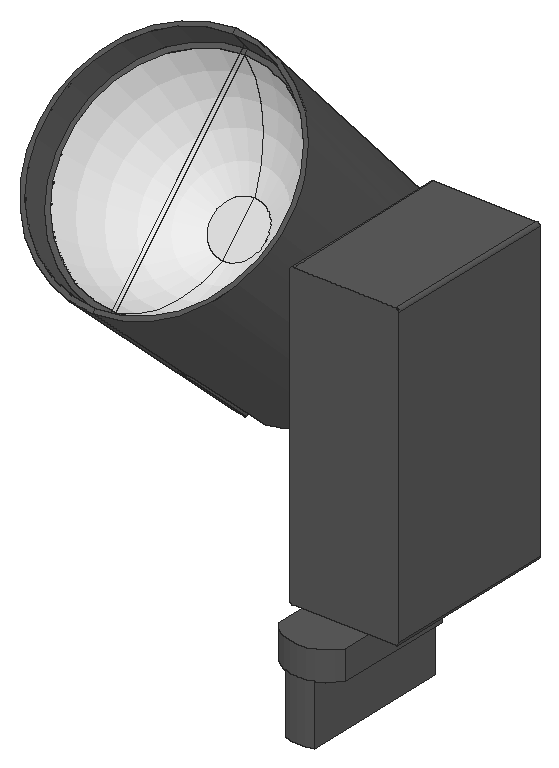
Revit family "0004844 Feilo Sylvania Lighting Fixture START TRACK SPOT L 55W 3K RA80 NB BLACK", category Lighting Fixtures, host Face, Revit 2017 (continued)
Definition of nested family "Start Track Spot Head"
  Types (96, lengths in mm): name | Wattage | built-in parameter 1150134 | Photometric Web File | Model | built-in parameter 1150105 | Lumens | built-in parameter 1150107 | built-in parameter 1150106 | HeadThickness_FEILO | HeadRibOffset_FEILO | HeadRibDepth_FEILO | HeadRibCutWidth_FEILO | HeadRibCutOffset_FEILO | HeadReflectorRadius_FEILO | HeadReflectorOffset_FEILO | HeadLEDRadius_FEILO | HeadHeight_FEILO | HeadDiffusorOffset_FEILO | HeadDiaOut_FEILO | HeadDiaIn_FEILO | HeadAxisFromTop_FEILO | Emit from Circle Diameter | built-in parameter 1150104 | Description | Apparent Load
    0004864 START TRACK SPOT S 24W 3K RA90 WB WHITE | 24 W | (empty or 0) | "0004864.ies" | "START TRACK SPOT S 24W 3K RA90 WB WHITE" | 152.79 (stored number, unit not read) | 1920 lm | 3000 (stored number, unit not read) | 1.5279 (stored number, unit not read) | 1.5 | 4.179 | 55.714 | 7.167 | 50.87 | 50.588 | 55.714 | 9.556 | 117 | 9.435 | 86 | 77.477 | 69.354 | 77.477 | 7.4322 (stored number, unit not read) | "Integrated LED spotlight, Textured White - RAL9016, compact and minimalist design, ideal for retail applications, die-cast aluminium body, passive cooling heatsink. Beam angle: 64°, color temperature: 3000K , total system power: 24W, total fixture output: 1928 lm, LOR: 100%, colour rendering: Ra: 90 typical, LED Chromaticity: 3 step MacAdam ellipse, lifetime: >50000 hours at L70B50, energy class: A++, A+, A, IR/UV free light source without heat radiation, operating voltage: 220-240V / 50-60Hz, drive current: 600mA, electronic driver, non-dimmable, power factor: 0.95, electrical protection: Class II, Global Track 3 Phase adapter suitable for Global trac 3-circuit tracks, ingress protection rating: IP20, suitable for internal environment only, horizontal rotation: 355°, vertical tilt: 90°, dimensions: Ø86x140x200, weight: 0.966kg." | 24 VA
    0004863 START TRACK SPOT S 24W 3K RA90 MB WHITE | 24 W | (empty or 0) | "0004863.ies" | "START TRACK SPOT S 24W 3K RA90 MB WHITE" | 154.7 (stored number, unit not read) | 1944 lm | 3000 (stored number, unit not read) | 1.547 (stored number, unit not read) | 1.5 | 4.179 | 55.714 | 7.167 | 50.87 | 50.588 | 55.714 | 9.556 | 117 | 9.435 | 86 | 77.477 | 69.354 | 77.477 | 7.5251 (stored number, unit not read) | "Integrated LED spotlight, Textured White - RAL9016, compact and minimalist design, ideal for retail applications, die-cast aluminium body, passive cooling heatsink. Beam angle: 36°, color temperature: 3000K , total system power: 24W, total fixture output: 1944 lm, LOR: 100%, colour rendering: Ra: 90 typical, LED Chromaticity: 3 step MacAdam ellipse, lifetime: >50000 hours at L70B50, energy class: A++, A+, A, IR/UV free light source without heat radiation, operating voltage: 220-240V / 50-60Hz, drive current: 600mA, electronic driver, non-dimmable, power factor: 0.95, electrical protection: Class II, Global Track 3 Phase adapter suitable for Global trac 3-circuit tracks, ingress protection rating: IP20, suitable for internal environment only, horizontal rotation: 355°, vertical tilt: 90°, dimensions: Ø86x140x200, weight: 0.966kg." | 24 VA
    0004862 START TRACK SPOT S 24W 3K RA90 NB WHITE | 24 W | (empty or 0) | "0004862.ies" | "START TRACK SPOT S 24W 3K RA90 NB WHITE" | 158.52 (stored number, unit not read) | 1992 lm | 3000 (stored number, unit not read) | 1.5852 (stored number, unit not read) | 1.5 | 4.179 | 55.714 | 7.167 | 50.87 | 50.588 | 55.714 | 9.556 | 117 | 9.435 | 86 | 77.477 | 69.354 | 77.477 | 7.711 (stored number, unit not read) | "Integrated LED spotlight, Textured White - RAL9016, compact and minimalist design, ideal for retail applications, die-cast aluminium body, passive cooling heatsink. Beam angle: 12°, color temperature: 3000K , total system power: 24W, total fixture output: 1987 lm, LOR: 100%, colour rendering: Ra: 90 typical, LED Chromaticity: 3 step MacAdam ellipse, lifetime: >50000 hours at L70B50, energy class: A++, A+, A, IR/UV free light source without heat radiation, operating voltage: 220-240V / 50-60Hz, drive current: 600mA, electronic driver, non-dimmable, power factor: 0.95, electrical protection: Class II, Global Track 3 Phase adapter suitable for Global trac 3-circuit tracks, ingress protection rating: IP20, suitable for internal environment only, horizontal rotation: 355°, vertical tilt: 90°, dimensions: Ø86x140x200, weight: 0.966kg." | 24 VA
    0004861 START TRACK SPOT S 14W 3K RA90 WB WHITE | 14 W | (empty or 0) | "0004861.ies" | "START TRACK SPOT S 14W 3K RA90 WB WHITE" | 100.27 (stored number, unit not read) | 1260 lm | 3000 (stored number, unit not read) | 1.0027 (stored number, unit not read) | 1.5 | 4.179 | 55.714 | 7.167 | 50.87 | 50.588 | 55.714 | 9.556 | 117 | 9.435 | 86 | 77.477 | 69.354 | 77.477 | 8.3613 (stored number, unit not read) | "Integrated LED spotlight, Textured White - RAL9016, compact and minimalist design, ideal for retail applications, die-cast aluminium body, passive cooling heatsink. Beam angle: 64°, color temperature: 3000K , total system power: 14W, total fixture output: 1262 lm, LOR: 100%, colour rendering: Ra: 90 typical, LED Chromaticity: 3 step MacAdam ellipse, lifetime: >50000 hours at L70B50, energy class: A++, A+, A, IR/UV free light source without heat radiation, operating voltage: 220-240V / 50-60Hz, drive current: 350mA, electronic driver, non-dimmable, power factor: 0.92, electrical protection: Class II, Global Track 3 Phase adapter suitable for Global trac 3-circuit tracks, ingress protection rating: IP20, suitable for internal environment only, horizontal rotation: 355°, vertical tilt: 90°, dimensions: Ø86x140x200, weight: 0.940kg." | 14 VA
    0004860 START TRACK SPOT S 14W 3K RA90 MB WHITE | 14 W | (empty or 0) | "0004860.ies" | "START TRACK SPOT S 14W 3K RA90 MB WHITE" | 100.27 (stored number, unit not read) | 1260 lm | 3000 (stored number, unit not read) | 1.0027 (stored number, unit not read) | 1.5 | 4.179 | 55.714 | 7.167 | 50.87 | 50.588 | 55.714 | 9.556 | 117 | 9.435 | 86 | 77.477 | 69.354 | 77.477 | 8.3613 (stored number, unit not read) | "Integrated LED spotlight, Textured White - RAL9016, compact and minimalist design, ideal for retail applications, die-cast aluminium body, passive cooling heatsink. Beam angle: 36°, color temperature: 3000K , total system power: 14W, total fixture output: 1262 lm, LOR: 100%, colour rendering: Ra: 90 typical, LED Chromaticity: 3 step MacAdam ellipse, lifetime: >50000 hours at L70B50, energy class: A++, A+, A, IR/UV free light source without heat radiation, operating voltage: 220-240V / 50-60Hz, drive current: 350mA, electronic driver, non-dimmable, power factor: 0.92, electrical protection: Class II, Global Track 3 Phase adapter suitable for Global trac 3-circuit tracks, ingress protection rating: IP20, suitable for internal environment only, horizontal rotation: 355°, vertical tilt: 90°, dimensions: Ø86x140x200, weight: 0.940kg." | 14 VA
    0004859 START TRACK SPOT S 14W 3K RA90 NB WHITE | 14 W | (empty or 0) | "0004859.ies" | "START TRACK SPOT S 14W 3K RA90 NB WHITE" | 102.5 (stored number, unit not read) | 1288 lm | 3000 (stored number, unit not read) | 1.025 (stored number, unit not read) | 1.5 | 4.179 | 55.714 | 7.167 | 50.87 | 50.588 | 55.714 | 9.556 | 117 | 9.435 | 86 | 77.477 | 69.354 | 77.477 | 8.5471 (stored number, unit not read) | "Integrated LED spotlight, Textured White - RAL9016, compact and minimalist design, ideal for retail applications, die-cast aluminium body, passive cooling heatsink. Beam angle: 12°, color temperature: 3000K , total system power: 14W, total fixture output: 1284 lm, LOR: 100%, colour rendering: Ra: 90 typical, LED Chromaticity: 3 step MacAdam ellipse, lifetime: >50000 hours at L70B50, energy class: A++, A+, A, IR/UV free light source without heat radiation, operating voltage: 220-240V / 50-60Hz, drive current: 350mA, electronic driver, non-dimmable, power factor: 0.92, electrical protection: Class II, Global Track 3 Phase adapter suitable for Global trac 3-circuit tracks, ingress protection rating: IP20, suitable for internal environment only, horizontal rotation: 355°, vertical tilt: 90°, dimensions: Ø86x140x200, weight: 0.940kg." | 14 VA
    0004858 START TRACK SPOT L 55W 4K RA80 WB BLACK | 55 W | 12 | "0004858.ies" | "START TRACK SPOT L 55W 4K RA80 WB BLACK" | 424.55 (stored number, unit not read) | 5335 lm | 4000 (stored number, unit not read) | 4.2455 (stored number, unit not read) | 2 | 4.429 | 59.048 | 9.417 | 53.913 | 66.471 | 59.048 | 12.556 | 124 | 10 | 113 | 101.802 | 73.503 | 101.802 | 9.0116 (stored number, unit not read) | "Integrated LED spotlight, Textured Black - RAL9005, compact and minimalist design, ideal for retail applications, die-cast aluminium body, passive cooling heatsink. Beam angle: 52°, color temperature: 4000K , total system power: 55W, total fixture output: 5320 lm, LOR: 100%, colour rendering: Ra: 80 typical, LED Chromaticity: 3 step MacAdam ellipse, lifetime: >50000 hours at L70B50, energy class: A++, A+, A, IR/UV free light source without heat radiation, operating voltage: 220-240V / 50-60Hz, drive current: 1400mA, electronic driver, non-dimmable, power factor: 0.96, electrical protection: Class II, Global Track 3 Phase adapter suitable for Global trac 3-circuit tracks, ingress protection rating: IP20, suitable for internal environment only, horizontal rotation: 355°, vertical tilt: 90°, dimensions: Ø113x164x240, weight: 1.398kg." | 55 VA
    0004857 START TRACK SPOT L 55W 4K RA80 MB BLACK | 55 W | 12 | "0004857.ies" | "START TRACK SPOT L 55W 4K RA80 MB BLACK" | 428.92 (stored number, unit not read) | 5390 lm | 4000 (stored number, unit not read) | 4.2892 (stored number, unit not read) | 2 | 4.429 | 59.048 | 9.417 | 53.913 | 66.471 | 59.048 | 12.556 | 124 | 10 | 113 | 101.802 | 73.503 | 101.802 | 9.1045 (stored number, unit not read) | "Integrated LED spotlight, Textured Black - RAL9005, compact and minimalist design, ideal for retail applications, die-cast aluminium body, passive cooling heatsink. Beam angle: 38°, color temperature: 4000K , total system power: 55W, total fixture output: 5378 lm, LOR: 100%, colour rendering: Ra: 80 typical, LED Chromaticity: 3 step MacAdam ellipse, lifetime: >50000 hours at L70B50, energy class: A++, A+, A, IR/UV free light source without heat radiation, operating voltage: 220-240V / 50-60Hz, drive current: 1400mA, electronic driver, non-dimmable, power factor: 0.96, electrical protection: Class II, Global Track 3 Phase adapter suitable for Global trac 3-circuit tracks, ingress protection rating: IP20, suitable for internal environment only, horizontal rotation: 355°, vertical tilt: 90°, dimensions: Ø113x164x240, weight: 1.398kg." | 55 VA
    0004856 START TRACK SPOT L 55W 4K RA80 NB BLACK | 55 W | 12 | "0004856.ies" | "START TRACK SPOT L 55W 4K RA80 NB BLACK" | 433.3 (stored number, unit not read) | 5445 lm | 4000 (stored number, unit not read) | 4.333 (stored number, unit not read) | 2 | 4.429 | 59.048 | 9.417 | 53.913 | 66.471 | 59.048 | 12.556 | 124 | 10 | 113 | 101.802 | 73.503 | 101.802 | 9.1974 (stored number, unit not read) | "Integrated LED spotlight, Textured Black - RAL9005, compact and minimalist design, ideal for retail applications, die-cast aluminium body, passive cooling heatsink. Beam angle: 15°, color temperature: 4000K , total system power: 55W, total fixture output: 5426 lm, LOR: 100%, colour rendering: Ra: 80 typical, LED Chromaticity: 3 step MacAdam ellipse, lifetime: >50000 hours at L70B50, energy class: A++, A+, A, IR/UV free light source without heat radiation, operating voltage: 220-240V / 50-60Hz, drive current: 1400mA, electronic driver, non-dimmable, power factor: 0.96, electrical protection: Class II, Global Track 3 Phase adapter suitable for Global trac 3-circuit tracks, ingress protection rating: IP20, suitable for internal environment only, horizontal rotation: 355°, vertical tilt: 90°, dimensions: Ø113x164x240, weight: 1.398kg." | 55 VA
    0004855 START TRACK SPOT L 35W 4K RA80 WB BLACK | 35 W | 12 | "0004855.ies" | "START TRACK SPOT L 35W 4K RA80 WB BLACK" | 320.3 (stored number, unit not read) | 4025 lm | 4000 (stored number, unit not read) | 3.203 (stored number, unit not read) | 2 | 4.429 | 59.048 | 9.417 | 53.913 | 66.471 | 59.048 | 12.556 | 124 | 10 | 113 | 101.802 | 73.503 | 101.802 | 10.684 (stored number, unit not read) | "Integrated LED spotlight, Textured Black - RAL9005, compact and minimalist design, ideal for retail applications, die-cast aluminium body, passive cooling heatsink. Beam angle: 52°, color temperature: 4000K , total system power: 35W, total fixture output: 4010 lm, LOR: 100%, colour rendering: Ra: 80 typical, LED Chromaticity: 3 step MacAdam ellipse, lifetime: >50000 hours at L70B50, energy class: A++, A+, A, IR/UV free light source without heat radiation, operating voltage: 220-240V / 50-60Hz, drive current: 900mA, electronic driver, non-dimmable, power factor: 0.93, electrical protection: Class II, Global Track 3 Phase adapter suitable for Global trac 3-circuit tracks, ingress protection rating: IP20, suitable for internal environment only, horizontal rotation: 355°, vertical tilt: 90°, dimensions: Ø113x164x240, weight: 1.368kg." | 35 VA
    0004854 START TRACK SPOT L 35W 4K RA80 MB BLACK | 35 W | 12 | "0004854.ies" | "START TRACK SPOT L 35W 4K RA80 MB BLACK" | 320.3 (stored number, unit not read) | 4025 lm | 4000 (stored number, unit not read) | 3.203 (stored number, unit not read) | 2 | 4.429 | 59.048 | 9.417 | 53.913 | 66.471 | 59.048 | 12.556 | 124 | 10 | 113 | 101.802 | 73.503 | 101.802 | 10.684 (stored number, unit not read) | "Integrated LED spotlight, Textured Black - RAL9005, compact and minimalist design, ideal for retail applications, die-cast aluminium body, passive cooling heatsink. Beam angle: 38°, color temperature: 4000K , total system power: 35W, total fixture output: 4017 lm, LOR: 100%, colour rendering: Ra: 80 typical, LED Chromaticity: 3 step MacAdam ellipse, lifetime: >50000 hours at L70B50, energy class: A++, A+, A, IR/UV free light source without heat radiation, operating voltage: 220-240V / 50-60Hz, drive current: 900mA, electronic driver, non-dimmable, power factor: 0.93, electrical protection: Class II, Global Track 3 Phase adapter suitable for Global trac 3-circuit tracks, ingress protection rating: IP20, suitable for internal environment only, horizontal rotation: 355°, vertical tilt: 90°, dimensions: Ø113x164x240, weight: 1.368kg." | 35 VA
    0004853 START TRACK SPOT L 35W 4K RA80 NB BLACK | 35 W | 12 | "0004853.ies" | "START TRACK SPOT L 35W 4K RA80 NB BLACK" | 331.44 (stored number, unit not read) | 4165 lm | 4000 (stored number, unit not read) | 3.3144 (stored number, unit not read) | 2 | 4.429 | 59.048 | 9.417 | 53.913 | 66.471 | 59.048 | 12.556 | 124 | 10 | 113 | 101.802 | 73.503 | 101.802 | 11.055 (stored number, unit not read) | "Integrated LED spotlight, Textured Black - RAL9005, compact and minimalist design, ideal for retail applications, die-cast aluminium body, passive cooling heatsink. Beam angle: 15°, color temperature: 4000K , total system power: 35W, total fixture output: 4174 lm, LOR: 100%, colour rendering: Ra: 80 typical, LED Chromaticity: 3 step MacAdam ellipse, lifetime: >50000 hours at L70B50, energy class: A++, A+, A, IR/UV free light source without heat radiation, operating voltage: 220-240V / 50-60Hz, drive current: 900mA, electronic driver, non-dimmable, power factor: 0.93, electrical protection: Class II, Global Track 3 Phase adapter suitable for Global trac 3-circuit tracks, ingress protection rating: IP20, suitable for internal environment only, horizontal rotation: 355°, vertical tilt: 90°, dimensions: Ø113x164x240, weight: 1.368kg." | 35 VA
    0004852 START TRACK SPOT S 24W 4K RA80 WB BLACK | 24 W | 12 | "0004852.ies" | "START TRACK SPOT S 24W 4K RA80 WB BLACK" | 196.72 (stored number, unit not read) | 2472 lm | 4000 (stored number, unit not read) | 1.9672 (stored number, unit not read) | 1.5 | 4.179 | 55.714 | 7.167 | 50.87 | 50.588 | 55.714 | 9.556 | 117 | 9.435 | 86 | 77.477 | 69.354 | 77.477 | 9.569 (stored number, unit not read) | "Integrated LED spotlight, Textured Black - RAL9005, compact and minimalist design, ideal for retail applications, die-cast aluminium body, passive cooling heatsink. Beam angle: 64°, color temperature: 4000K , total system power: 24W, total fixture output: 2476 lm, LOR: 100%, colour rendering: Ra: 80 typical, LED Chromaticity: 3 step MacAdam ellipse, lifetime: >50000 hours at L70B50, energy class: A++, A+, A, IR/UV free light source without heat radiation, operating voltage: 220-240V / 50-60Hz, drive current: 600mA, electronic driver, non-dimmable, power factor: 0.95, electrical protection: Class II, Global Track 3 Phase adapter suitable for Global trac 3-circuit tracks, ingress protection rating: IP20, suitable for internal environment only, horizontal rotation: 355°, vertical tilt: 90°, dimensions: Ø86x140x200, weight: 0.966kg." | 24 VA
    0004851 START TRACK SPOT S 24W 4K RA80 MB BLACK | 24 W | 12 | "0004851.ies" | "START TRACK SPOT S 24W 4K RA80 MB BLACK" | 198.63 (stored number, unit not read) | 2496 lm | 4000 (stored number, unit not read) | 1.9863 (stored number, unit not read) | 1.5 | 4.179 | 55.714 | 7.167 | 50.87 | 50.588 | 55.714 | 9.556 | 117 | 9.435 | 86 | 77.477 | 69.354 | 77.477 | 9.6619 (stored number, unit not read) | "Integrated LED spotlight, Textured Black - RAL9005, compact and minimalist design, ideal for retail applications, die-cast aluminium body, passive cooling heatsink. Beam angle: 36°, color temperature: 4000K , total system power: 24W, total fixture output: 2487 lm, LOR: 100%, colour rendering: Ra: 80 typical, LED Chromaticity: 3 step MacAdam ellipse, lifetime: >50000 hours at L70B50, energy class: A++, A+, A, IR/UV free light source without heat radiation, operating voltage: 220-240V / 50-60Hz, drive current: 600mA, electronic driver, non-dimmable, power factor: 0.95, electrical protection: Class II, Global Track 3 Phase adapter suitable for Global trac 3-circuit tracks, ingress protection rating: IP20, suitable for internal environment only, horizontal rotation: 355°, vertical tilt: 90°, dimensions: Ø86x140x200, weight: 0.966kg." | 24 VA
    0004850 START TRACK SPOT S 24W 4K RA80 NB BLACK | 24 W | 12 | "0004850.ies" | "START TRACK SPOT S 24W 4K RA80 NB BLACK" | 200.54 (stored number, unit not read) | 2520 lm | 4000 (stored number, unit not read) | 2.0054 (stored number, unit not read) | 1.5 | 4.179 | 55.714 | 7.167 | 50.87 | 50.588 | 55.714 | 9.556 | 117 | 9.435 | 86 | 77.477 | 69.354 | 77.477 | 9.7548 (stored number, unit not read) | "Integrated LED spotlight, Textured Black - RAL9005, compact and minimalist design, ideal for retail applications, die-cast aluminium body, passive cooling heatsink. Beam angle: 12°, color temperature: 4000K , total system power: 24W, total fixture output: 2529 lm, LOR: 100%, colour rendering: Ra: 80 typical, LED Chromaticity: 3 step MacAdam ellipse, lifetime: >50000 hours at L70B50, energy class: A++, A+, A, IR/UV free light source without heat radiation, operating voltage: 220-240V / 50-60Hz, drive current: 600mA, electronic driver, non-dimmable, power factor: 0.95, electrical protection: Class II, Global Track 3 Phase adapter suitable for Global trac 3-circuit tracks, ingress protection rating: IP20, suitable for internal environment only, horizontal rotation: 355°, vertical tilt: 90°, dimensions: Ø86x140x200, weight: 0.966kg." | 24 VA
    0004849 START TRACK SPOT S 14W 4K RA80 WB BLACK | 14 W | 12 | "0004849.ies" | "START TRACK SPOT S 14W 4K RA80 WB BLACK" | 123.66 (stored number, unit not read) | 1554 lm | 4000 (stored number, unit not read) | 1.2366 (stored number, unit not read) | 1.5 | 4.179 | 55.714 | 7.167 | 50.87 | 50.588 | 55.714 | 9.556 | 117 | 9.435 | 86 | 77.477 | 69.354 | 77.477 | 10.312 (stored number, unit not read) | "Integrated LED spotlight, Textured Black - RAL9005, compact and minimalist design, ideal for retail applications, die-cast aluminium body, passive cooling heatsink. Beam angle: 64°, color temperature: 4000K , total system power: 14W, total fixture output: 1558 lm, LOR: 100%, colour rendering: Ra: 80 typical, LED Chromaticity: 3 step MacAdam ellipse, lifetime: >50000 hours at L70B50, energy class: A++, A+, A, IR/UV free light source without heat radiation, operating voltage: 220-240V / 50-60Hz, drive current: 350mA, electronic driver, non-dimmable, power factor: 0.92, electrical protection: Class II, Global Track 3 Phase adapter suitable for Global trac 3-circuit tracks, ingress protection rating: IP20, suitable for internal environment only, horizontal rotation: 355°, vertical tilt: 90°, dimensions: Ø86x140x200, weight: 0.940kg." | 14 VA
    0004848 START TRACK SPOT S 14W 4K RA80 MB BLACK | 14 W | 12 | "0004848.ies" | "START TRACK SPOT S 14W 4K RA80 MB BLACK" | 127.01 (stored number, unit not read) | 1596 lm | 4000 (stored number, unit not read) | 1.2701 (stored number, unit not read) | 1.5 | 4.179 | 55.714 | 7.167 | 50.87 | 50.588 | 55.714 | 9.556 | 117 | 9.435 | 86 | 77.477 | 69.354 | 77.477 | 10.591 (stored number, unit not read) | "Integrated LED spotlight, Textured Black - RAL9005, compact and minimalist design, ideal for retail applications, die-cast aluminium body, passive cooling heatsink. Beam angle: 36°, color temperature: 4000K , total system power: 14W, total fixture output: 1598 lm, LOR: 100%, colour rendering: Ra: 80 typical, LED Chromaticity: 3 step MacAdam ellipse, lifetime: >50000 hours at L70B50, energy class: A++, A+, A, IR/UV free light source without heat radiation, operating voltage: 220-240V / 50-60Hz, drive current: 350mA, electronic driver, non-dimmable, power factor: 0.92, electrical protection: Class II, Global Track 3 Phase adapter suitable for Global trac 3-circuit tracks, ingress protection rating: IP20, suitable for internal environment only, horizontal rotation: 355°, vertical tilt: 90°, dimensions: Ø86x140x200, weight: 0.940kg." | 14 VA
    0004847 START TRACK SPOT S 14W 4K RA80 NB BLACK | 14 W | 12 | "0004847.ies" | "START TRACK SPOT S 14W 4K RA80 NB BLACK" | 128.12 (stored number, unit not read) | 1610 lm | 4000 (stored number, unit not read) | 1.2812 (stored number, unit not read) | 1.5 | 4.179 | 55.714 | 7.167 | 50.87 | 50.588 | 55.714 | 9.556 | 117 | 9.435 | 86 | 77.477 | 69.354 | 77.477 | 10.684 (stored number, unit not read) | "Integrated LED spotlight, Textured Black - RAL9005, compact and minimalist design, ideal for retail applications, die-cast aluminium body, passive cooling heatsink. Beam angle: 12°, color temperature: 4000K , total system power: 14W, total fixture output: 1608 lm, LOR: 100%, colour rendering: Ra: 80 typical, LED Chromaticity: 3 step MacAdam ellipse, lifetime: >50000 hours at L70B50, energy class: A++, A+, A, IR/UV free light source without heat radiation, operating voltage: 220-240V / 50-60Hz, drive current: 350mA, electronic driver, non-dimmable, power factor: 0.92, electrical protection: Class II, Global Track 3 Phase adapter suitable for Global trac 3-circuit tracks, ingress protection rating: IP20, suitable for internal environment only, horizontal rotation: 355°, vertical tilt: 90°, dimensions: Ø86x140x200, weight: 0.940kg." | 14 VA
    0004846 START TRACK SPOT L 55W 3K RA80 WB BLACK | 55 W | (empty or 0) | "0004846.ies" | "START TRACK SPOT L 55W 3K RA80 WB BLACK" | 420.17 (stored number, unit not read) | 5280 lm | 3000 (stored number, unit not read) | 4.2017 (stored number, unit not read) | 2 | 4.429 | 59.048 | 9.417 | 53.913 | 66.471 | 59.048 | 12.556 | 124 | 10 | 113 | 101.802 | 73.503 | 101.802 | 8.9187 (stored number, unit not read) | "Integrated LED spotlight, Textured Black - RAL9005, compact and minimalist design, ideal for retail applications, die-cast aluminium body, passive cooling heatsink. Beam angle: 52°, color temperature: 3000K , total system power: 55W, total fixture output: 5298 lm, LOR: 100%, colour rendering: Ra: 80 typical, LED Chromaticity: 3 step MacAdam ellipse, lifetime: >50000 hours at L70B50, energy class: A++, A+, A, IR/UV free light source without heat radiation, operating voltage: 220-240V / 50-60Hz, drive current: 1400mA, electronic driver, non-dimmable, power factor: 0.96, electrical protection: Class II, Global Track 3 Phase adapter suitable for Global trac 3-circuit tracks, ingress protection rating: IP20, suitable for internal environment only, horizontal rotation: 355°, vertical tilt: 90°, dimensions: Ø113x164x240, weight: 1.398kg." | 55 VA
    0004845 START TRACK SPOT L 55W 3K RA80 MB BLACK | 55 W | (empty or 0) | "0004845.ies" | "START TRACK SPOT L 55W 3K RA80 MB BLACK" | 428.92 (stored number, unit not read) | 5390 lm | 3000 (stored number, unit not read) | 4.2892 (stored number, unit not read) | 2 | 4.429 | 59.048 | 9.417 | 53.913 | 66.471 | 59.048 | 12.556 | 124 | 10 | 113 | 101.802 | 73.503 | 101.802 | 9.1045 (stored number, unit not read) | "Integrated LED spotlight, Textured Black - RAL9005, compact and minimalist design, ideal for retail applications, die-cast aluminium body, passive cooling heatsink. Beam angle: 38°, color temperature: 3000K , total system power: 55W, total fixture output: 5381 lm, LOR: 100%, colour rendering: Ra: 80 typical, LED Chromaticity: 3 step MacAdam ellipse, lifetime: >50000 hours at L70B50, energy class: A++, A+, A, IR/UV free light source without heat radiation, operating voltage: 220-240V / 50-60Hz, drive current: 1400mA, electronic driver, non-dimmable, power factor: 0.96, electrical protection: Class II, Global Track 3 Phase adapter suitable for Global trac 3-circuit tracks, ingress protection rating: IP20, suitable for internal environment only, horizontal rotation: 355°, vertical tilt: 90°, dimensions: Ø113x164x240, weight: 1.398kg." | 55 VA
    0004844 START TRACK SPOT L 55W 3K RA80 NB BLACK | 55 W | (empty or 0) | "0004844.ies" | "START TRACK SPOT L 55W 3K RA80 NB BLACK" | 433.3 (stored number, unit not read) | 5445 lm | 3000 (stored number, unit not read) | 4.333 (stored number, unit not read) | 2 | 4.429 | 59.048 | 9.417 | 53.913 | 66.471 | 59.048 | 12.556 | 124 | 10 | 113 | 101.802 | 73.503 | 101.802 | 9.1974 (stored number, unit not read) | "Integrated LED spotlight, Textured Black - RAL9005, compact and minimalist design, ideal for retail applications, die-cast aluminium body, passive cooling heatsink. Beam angle: 15°, color temperature: 3000K , total system power: 55W, total fixture output: 5449 lm, LOR: 100%, colour rendering: Ra: 80 typical, LED Chromaticity: 3 step MacAdam ellipse, lifetime: >50000 hours at L70B50, energy class: A++, A+, A, IR/UV free light source without heat radiation, operating voltage: 220-240V / 50-60Hz, drive current: 1400mA, electronic driver, non-dimmable, power factor: 0.96, electrical protection: Class II, Global Track 3 Phase adapter suitable for Global trac 3-circuit tracks, ingress protection rating: IP20, suitable for internal environment only, horizontal rotation: 355°, vertical tilt: 90°, dimensions: Ø113x164x240, weight: 1.398kg." | 55 VA
    0004843 START TRACK SPOT L 35W 3K RA80 WB BLACK | 35 W | (empty or 0) | "0004843.ies" | "START TRACK SPOT L 35W 3K RA80 WB BLACK" | 314.73 (stored number, unit not read) | 3955 lm | 3000 (stored number, unit not read) | 3.1473 (stored number, unit not read) | 2 | 4.429 | 59.048 | 9.417 | 53.913 | 66.471 | 59.048 | 12.556 | 124 | 10 | 113 | 101.802 | 73.503 | 101.802 | 10.498 (stored number, unit not read) | "Integrated LED spotlight, Textured Black - RAL9005, compact and minimalist design, ideal for retail applications, die-cast aluminium body, passive cooling heatsink. Beam angle: 52°, color temperature: 3000K , total system power: 35W, total fixture output: 3943 lm, LOR: 100%, colour rendering: Ra: 80 typical, LED Chromaticity: 3 step MacAdam ellipse, lifetime: >50000 hours at L70B50, energy class: A++, A+, A, IR/UV free light source without heat radiation, operating voltage: 220-240V / 50-60Hz, drive current: 900mA, electronic driver, non-dimmable, power factor: 0.93, electrical protection: Class II, Global Track 3 Phase adapter suitable for Global trac 3-circuit tracks, ingress protection rating: IP20, suitable for internal environment only, horizontal rotation: 355°, vertical tilt: 90°, dimensions: Ø113x164x240, weight: 1.368kg." | 35 VA
    0004842 START TRACK SPOT L 35W 3K RA80 MB BLACK | 35 W | (empty or 0) | "0004842.ies" | "START TRACK SPOT L 35W 3K RA80 MB BLACK" | 320.3 (stored number, unit not read) | 4025 lm | 3000 (stored number, unit not read) | 3.203 (stored number, unit not read) | 2 | 4.429 | 59.048 | 9.417 | 53.913 | 66.471 | 59.048 | 12.556 | 124 | 10 | 113 | 101.802 | 73.503 | 101.802 | 10.684 (stored number, unit not read) | "Integrated LED spotlight, Textured Black - RAL9005, compact and minimalist design, ideal for retail applications, die-cast aluminium body, passive cooling heatsink. Beam angle: 38°, color temperature: 3000K , total system power: 35W, total fixture output: 4008 lm, LOR: 100%, colour rendering: Ra: 80 typical, LED Chromaticity: 3 step MacAdam ellipse, lifetime: >50000 hours at L70B50, energy class: A++, A+, A, IR/UV free light source without heat radiation, operating voltage: 220-240V / 50-60Hz, drive current: 900mA, electronic driver, non-dimmable, power factor: 0.93, electrical protection: Class II, Global Track 3 Phase adapter suitable for Global trac 3-circuit tracks, ingress protection rating: IP20, suitable for internal environment only, horizontal rotation: 355°, vertical tilt: 90°, dimensions: Ø113x164x240, weight: 1.368kg." | 35 VA
    0004841 START TRACK SPOT L 35W 3K RA80 NB BLACK | 35 W | (empty or 0) | "0004841.ies" | "START TRACK SPOT L 35W 3K RA80 NB BLACK" | 317.51 (stored number, unit not read) | 3990 lm | 3000 (stored number, unit not read) | 3.1751 (stored number, unit not read) | 2 | 4.429 | 59.048 | 9.417 | 53.913 | 66.471 | 59.048 | 12.556 | 124 | 10 | 113 | 101.802 | 73.503 | 101.802 | 10.591 (stored number, unit not read) | "Integrated LED spotlight, Textured Black - RAL9005, compact and minimalist design, ideal for retail applications, die-cast aluminium body, passive cooling heatsink. Beam angle: 15°, color temperature: 3000K , total system power: 35W, total fixture output: 4005 lm, LOR: 100%, colour rendering: Ra: 80 typical, LED Chromaticity: 3 step MacAdam ellipse, lifetime: >50000 hours at L70B50, energy class: A++, A+, A, IR/UV free light source without heat radiation, operating voltage: 220-240V / 50-60Hz, drive current: 900mA, electronic driver, non-dimmable, power factor: 0.93, electrical protection: Class II, Global Track 3 Phase adapter suitable for Global trac 3-circuit tracks, ingress protection rating: IP20, suitable for internal environment only, horizontal rotation: 355°, vertical tilt: 90°, dimensions: Ø113x164x240, weight: 1.368kg." | 35 VA
    0004840 START TRACK SPOT S 24W 3K RA80 WB BLACK | 24 W | (empty or 0) | "0004840.ies" | "START TRACK SPOT S 24W 3K RA80 WB BLACK" | 185.26 (stored number, unit not read) | 2328 lm | 3000 (stored number, unit not read) | 1.8526 (stored number, unit not read) | 1.5 | 4.179 | 55.714 | 7.167 | 50.87 | 50.588 | 55.714 | 9.556 | 117 | 9.435 | 86 | 77.477 | 69.354 | 77.477 | 9.0116 (stored number, unit not read) | "Integrated LED spotlight, Textured Black - RAL9005, compact and minimalist design, ideal for retail applications, die-cast aluminium body, passive cooling heatsink. Beam angle: 64°, color temperature: 3000K , total system power: 24W, total fixture output: 2318 lm, LOR: 100%, colour rendering: Ra: 80 typical, LED Chromaticity: 3 step MacAdam ellipse, lifetime: >50000 hours at L70B50, energy class: A++, A+, A, IR/UV free light source without heat radiation, operating voltage: 220-240V / 50-60Hz, drive current: 600mA, electronic driver, non-dimmable, power factor: 0.95, electrical protection: Class II, Global Track 3 Phase adapter suitable for Global trac 3-circuit tracks, ingress protection rating: IP20, suitable for internal environment only, horizontal rotation: 355°, vertical tilt: 90°, dimensions: Ø86x140x200, weight: 0.966kg." | 24 VA
    0004839 START TRACK SPOT S 24W 3K RA80 MB BLACK | 24 W | (empty or 0) | "0004839.ies" | "START TRACK SPOT S 24W 3K RA80 MB BLACK" | 183.35 (stored number, unit not read) | 2304 lm | 3000 (stored number, unit not read) | 1.8335 (stored number, unit not read) | 1.5 | 4.179 | 55.714 | 7.167 | 50.87 | 50.588 | 55.714 | 9.556 | 117 | 9.435 | 86 | 77.477 | 69.354 | 77.477 | 8.9187 (stored number, unit not read) | "Integrated LED spotlight, Textured Black - RAL9005, compact and minimalist design, ideal for retail applications, die-cast aluminium body, passive cooling heatsink. Beam angle: 36°, color temperature: 3000K , total system power: 24W, total fixture output: 2314 lm, LOR: 100%, colour rendering: Ra: 80 typical, LED Chromaticity: 3 step MacAdam ellipse, lifetime: >50000 hours at L70B50, energy class: A++, A+, A, IR/UV free light source without heat radiation, operating voltage: 220-240V / 50-60Hz, drive current: 600mA, electronic driver, non-dimmable, power factor: 0.95, electrical protection: Class II, Global Track 3 Phase adapter suitable for Global trac 3-circuit tracks, ingress protection rating: IP20, suitable for internal environment only, horizontal rotation: 355°, vertical tilt: 90°, dimensions: Ø86x140x200, weight: 0.966kg." | 24 VA
    0004838 START TRACK SPOT S 24W 3K RA80 NB BLACK | 24 W | (empty or 0) | "0004838.ies" | "START TRACK SPOT S 24W 3K RA80 NB BLACK" | 185.26 (stored number, unit not read) | 2328 lm | 3000 (stored number, unit not read) | 1.8526 (stored number, unit not read) | 1.5 | 4.179 | 55.714 | 7.167 | 50.87 | 50.588 | 55.714 | 9.556 | 117 | 9.435 | 86 | 77.477 | 69.354 | 77.477 | 9.0116 (stored number, unit not read) | "Integrated LED spotlight, Textured Black - RAL9005, compact and minimalist design, ideal for retail applications, die-cast aluminium body, passive cooling heatsink. Beam angle: 12°, color temperature: 3000K , total system power: 24W, total fixture output: 2334 lm, LOR: 100%, colour rendering: Ra: 80 typical, LED Chromaticity: 3 step MacAdam ellipse, lifetime: >50000 hours at L70B50, energy class: A++, A+, A, IR/UV free light source without heat radiation, operating voltage: 220-240V / 50-60Hz, drive current: 600mA, electronic driver, non-dimmable, power factor: 0.95, electrical protection: Class II, Global Track 3 Phase adapter suitable for Global trac 3-circuit tracks, ingress protection rating: IP20, suitable for internal environment only, horizontal rotation: 355°, vertical tilt: 90°, dimensions: Ø86x140x200, weight: 0.966kg." | 24 VA
    0004837 START TRACK SPOT S 14W 3K RA80 WB BLACK | 14 W | (empty or 0) | "0004837.ies" | "START TRACK SPOT S 14W 3K RA80 WB BLACK" | 119.21 (stored number, unit not read) | 1498 lm | 3000 (stored number, unit not read) | 1.1921 (stored number, unit not read) | 1.5 | 4.179 | 55.714 | 7.167 | 50.87 | 50.588 | 55.714 | 9.556 | 117 | 9.435 | 86 | 77.477 | 69.354 | 77.477 | 9.9406 (stored number, unit not read) | "Integrated LED spotlight, Textured Black - RAL9005, compact and minimalist design, ideal for retail applications, die-cast aluminium body, passive cooling heatsink. Beam angle: 64°, color temperature: 3000K , total system power: 14W, total fixture output: 1498 lm, LOR: 100%, colour rendering: Ra: 80 typical, LED Chromaticity: 3 step MacAdam ellipse, lifetime: >50000 hours at L70B50, energy class: A++, A+, A, IR/UV free light source without heat radiation, operating voltage: 220-240V / 50-60Hz, drive current: 350mA, electronic driver, non-dimmable, power factor: 0.92, electrical protection: Class II, Global Track 3 Phase adapter suitable for Global trac 3-circuit tracks, ingress protection rating: IP20, suitable for internal environment only, horizontal rotation: 355°, vertical tilt: 90°, dimensions: Ø86x140x200, weight: 0.940kg." | 14 VA
    0004836 START TRACK SPOT S 14W 3K RA80 MB BLACK | 14 W | (empty or 0) | "0004836.ies" | "START TRACK SPOT S 14W 3K RA80 MB BLACK" | 120.32 (stored number, unit not read) | 1512 lm | 3000 (stored number, unit not read) | 1.2032 (stored number, unit not read) | 1.5 | 4.179 | 55.714 | 7.167 | 50.87 | 50.588 | 55.714 | 9.556 | 117 | 9.435 | 86 | 77.477 | 69.354 | 77.477 | 10.034 (stored number, unit not read) | "Integrated LED spotlight, Textured Black - RAL9005, compact and minimalist design, ideal for retail applications, die-cast aluminium body, passive cooling heatsink. Beam angle: 36°, color temperature: 3000K , total system power: 14W, total fixture output: 1508 lm, LOR: 100%, colour rendering: Ra: 80 typical, LED Chromaticity: 3 step MacAdam ellipse, lifetime: >50000 hours at L70B50, energy class: A++, A+, A, IR/UV free light source without heat radiation, operating voltage: 220-240V / 50-60Hz, drive current: 350mA, electronic driver, non-dimmable, power factor: 0.92, electrical protection: Class II, Global Track 3 Phase adapter suitable for Global trac 3-circuit tracks, ingress protection rating: IP20, suitable for internal environment only, horizontal rotation: 355°, vertical tilt: 90°, dimensions: Ø86x140x200, weight: 0.940kg." | 14 VA
    0004835 START TRACK SPOT S 14W 3K RA80 NB BLACK | 14 W | (empty or 0) | "0004835.ies" | "START TRACK SPOT S 14W 3K RA80 NB BLACK" | 123.66 (stored number, unit not read) | 1554 lm | 3000 (stored number, unit not read) | 1.2366 (stored number, unit not read) | 1.5 | 4.179 | 55.714 | 7.167 | 50.87 | 50.588 | 55.714 | 9.556 | 117 | 9.435 | 86 | 77.477 | 69.354 | 77.477 | 10.312 (stored number, unit not read) | "Integrated LED spotlight, Textured Black - RAL9005, compact and minimalist design, ideal for retail applications, die-cast aluminium body, passive cooling heatsink. Beam angle: 12°, color temperature: 3000K , total system power: 14W, total fixture output: 1551 lm, LOR: 100%, colour rendering: Ra: 80 typical, LED Chromaticity: 3 step MacAdam ellipse, lifetime: >50000 hours at L70B50, energy class: A++, A+, A, IR/UV free light source without heat radiation, operating voltage: 220-240V / 50-60Hz, drive current: 350mA, electronic driver, non-dimmable, power factor: 0.92, electrical protection: Class II, Global Track 3 Phase adapter suitable for Global trac 3-circuit tracks, ingress protection rating: IP20, suitable for internal environment only, horizontal rotation: 355°, vertical tilt: 90°, dimensions: Ø86x140x200, weight: 0.940kg." | 14 VA
    0004834 START TRACK SPOT L 55W 4K RA80 WB WHITE | 55 W | 12 | "0004834.ies" | "START TRACK SPOT L 55W 4K RA80 WB WHITE" | 424.55 (stored number, unit not read) | 5335 lm | 4000 (stored number, unit not read) | 4.2455 (stored number, unit not read) | 2 | 4.429 | 59.048 | 9.417 | 53.913 | 66.471 | 59.048 | 12.556 | 124 | 10 | 113 | 101.802 | 73.503 | 101.802 | 9.0116 (stored number, unit not read) | "Integrated LED spotlight, Textured White - RAL9016, compact and minimalist design, ideal for retail applications, die-cast aluminium body, passive cooling heatsink. Beam angle: 52°, color temperature: 4000K , total system power: 55W, total fixture output: 5320 lm, LOR: 100%, colour rendering: Ra: 80 typical, LED Chromaticity: 3 step MacAdam ellipse, lifetime: >50000 hours at L70B50, energy class: A++, A+, A, IR/UV free light source without heat radiation, operating voltage: 220-240V / 50-60Hz, drive current: 1400mA, electronic driver, non-dimmable, power factor: 0.96, electrical protection: Class II, Global Track 3 Phase adapter suitable for Global trac 3-circuit tracks, ingress protection rating: IP20, suitable for internal environment only, horizontal rotation: 355°, vertical tilt: 90°, dimensions: Ø113x164x240, weight: 1.398kg." | 55 VA
    0004833 START TRACK SPOT L 55W 4K RA80 MB WHITE | 55 W | 12 | "0004833.ies" | "START TRACK SPOT L 55W 4K RA80 MB WHITE" | 428.92 (stored number, unit not read) | 5390 lm | 4000 (stored number, unit not read) | 4.2892 (stored number, unit not read) | 2 | 4.429 | 59.048 | 9.417 | 53.913 | 66.471 | 59.048 | 12.556 | 124 | 10 | 113 | 101.802 | 73.503 | 101.802 | 9.1045 (stored number, unit not read) | "Integrated LED spotlight, Textured White - RAL9016, compact and minimalist design, ideal for retail applications, die-cast aluminium body, passive cooling heatsink. Beam angle: 38°, color temperature: 4000K , total system power: 55W, total fixture output: 5378 lm, LOR: 100%, colour rendering: Ra: 80 typical, LED Chromaticity: 3 step MacAdam ellipse, lifetime: >50000 hours at L70B50, energy class: A++, A+, A, IR/UV free light source without heat radiation, operating voltage: 220-240V / 50-60Hz, drive current: 1400mA, electronic driver, non-dimmable, power factor: 0.96, electrical protection: Class II, Global Track 3 Phase adapter suitable for Global trac 3-circuit tracks, ingress protection rating: IP20, suitable for internal environment only, horizontal rotation: 355°, vertical tilt: 90°, dimensions: Ø113x164x240, weight: 1.398kg." | 55 VA
    0004832 START TRACK SPOT L 55W 4K RA80 NB WHITE | 55 W | 12 | "0004832.ies" | "START TRACK SPOT L 55W 4K RA80 NB WHITE" | 433.3 (stored number, unit not read) | 5445 lm | 4000 (stored number, unit not read) | 4.333 (stored number, unit not read) | 2 | 4.429 | 59.048 | 9.417 | 53.913 | 66.471 | 59.048 | 12.556 | 124 | 10 | 113 | 101.802 | 73.503 | 101.802 | 9.1974 (stored number, unit not read) | "Integrated LED spotlight, Textured White - RAL9016, compact and minimalist design, ideal for retail applications, die-cast aluminium body, passive cooling heatsink. Beam angle: 15°, color temperature: 4000K , total system power: 55W, total fixture output: 5426 lm, LOR: 100%, colour rendering: Ra: 80 typical, LED Chromaticity: 3 step MacAdam ellipse, lifetime: >50000 hours at L70B50, energy class: A++, A+, A, IR/UV free light source without heat radiation, operating voltage: 220-240V / 50-60Hz, drive current: 1400mA, electronic driver, non-dimmable, power factor: 0.96, electrical protection: Class II, Global Track 3 Phase adapter suitable for Global trac 3-circuit tracks, ingress protection rating: IP20, suitable for internal environment only, horizontal rotation: 355°, vertical tilt: 90°, dimensions: Ø113x164x240, weight: 1.398kg." | 55 VA
    0004831 START TRACK SPOT L 35W 4K RA80 WB WHITE | 35 W | 12 | "0004831.ies" | "START TRACK SPOT L 35W 4K RA80 WB WHITE" | 320.3 (stored number, unit not read) | 4025 lm | 4000 (stored number, unit not read) | 3.203 (stored number, unit not read) | 2 | 4.429 | 59.048 | 9.417 | 53.913 | 66.471 | 59.048 | 12.556 | 124 | 10 | 113 | 101.802 | 73.503 | 101.802 | 10.684 (stored number, unit not read) | "Integrated LED spotlight, Textured White - RAL9016, compact and minimalist design, ideal for retail applications, die-cast aluminium body, passive cooling heatsink. Beam angle: 52°, color temperature: 4000K , total system power: 35W, total fixture output: 4010 lm, LOR: 100%, colour rendering: Ra: 80 typical, LED Chromaticity: 3 step MacAdam ellipse, lifetime: >50000 hours at L70B50, energy class: A++, A+, A, IR/UV free light source without heat radiation, operating voltage: 220-240V / 50-60Hz, drive current: 900mA, electronic driver, non-dimmable, power factor: 0.93, electrical protection: Class II, Global Track 3 Phase adapter suitable for Global trac 3-circuit tracks, ingress protection rating: IP20, suitable for internal environment only, horizontal rotation: 355°, vertical tilt: 90°, dimensions: Ø113x164x240, weight: 1.368kg." | 35 VA
    0004830 START TRACK SPOT L 35W 4K RA80 MB WHITE | 35 W | 12 | "0004830.ies" | "START TRACK SPOT L 35W 4K RA80 MB WHITE" | 320.3 (stored number, unit not read) | 4025 lm | 4000 (stored number, unit not read) | 3.203 (stored number, unit not read) | 2 | 4.429 | 59.048 | 9.417 | 53.913 | 66.471 | 59.048 | 12.556 | 124 | 10 | 113 | 101.802 | 73.503 | 101.802 | 10.684 (stored number, unit not read) | "Integrated LED spotlight, Textured White - RAL9016, compact and minimalist design, ideal for retail applications, die-cast aluminium body, passive cooling heatsink. Beam angle: 38°, color temperature: 4000K , total system power: 35W, total fixture output: 4017 lm, LOR: 100%, colour rendering: Ra: 80 typical, LED Chromaticity: 3 step MacAdam ellipse, lifetime: >50000 hours at L70B50, energy class: A++, A+, A, IR/UV free light source without heat radiation, operating voltage: 220-240V / 50-60Hz, drive current: 900mA, electronic driver, non-dimmable, power factor: 0.93, electrical protection: Class II, Global Track 3 Phase adapter suitable for Global trac 3-circuit tracks, ingress protection rating: IP20, suitable for internal environment only, horizontal rotation: 355°, vertical tilt: 90°, dimensions: Ø113x164x240, weight: 1.368kg." | 35 VA
    0004829 START TRACK SPOT L 35W 4K RA80 NB WHITE | 35 W | 12 | "0004829.ies" | "START TRACK SPOT L 35W 4K RA80 NB WHITE" | 331.44 (stored number, unit not read) | 4165 lm | 4000 (stored number, unit not read) | 3.3144 (stored number, unit not read) | 2 | 4.429 | 59.048 | 9.417 | 53.913 | 66.471 | 59.048 | 12.556 | 124 | 10 | 113 | 101.802 | 73.503 | 101.802 | 11.055 (stored number, unit not read) | "Integrated LED spotlight, Textured White - RAL9016, compact and minimalist design, ideal for retail applications, die-cast aluminium body, passive cooling heatsink. Beam angle: 15°, color temperature: 4000K , total system power: 35W, total fixture output: 4174 lm, LOR: 100%, colour rendering: Ra: 80 typical, LED Chromaticity: 3 step MacAdam ellipse, lifetime: >50000 hours at L70B50, energy class: A++, A+, A, IR/UV free light source without heat radiation, operating voltage: 220-240V / 50-60Hz, drive current: 900mA, electronic driver, non-dimmable, power factor: 0.93, electrical protection: Class II, Global Track 3 Phase adapter suitable for Global trac 3-circuit tracks, ingress protection rating: IP20, suitable for internal environment only, horizontal rotation: 355°, vertical tilt: 90°, dimensions: Ø113x164x240, weight: 1.368kg." | 35 VA
    0004828 START TRACK SPOT S 24W 4K RA80 WB WHITE | 24 W | 12 | "0004828.ies" | "START TRACK SPOT S 24W 4K RA80 WB WHITE" | 196.72 (stored number, unit not read) | 2472 lm | 4000 (stored number, unit not read) | 1.9672 (stored number, unit not read) | 1.5 | 4.179 | 55.714 | 7.167 | 50.87 | 50.588 | 55.714 | 9.556 | 117 | 9.435 | 86 | 77.477 | 69.354 | 77.477 | 9.569 (stored number, unit not read) | "Integrated LED spotlight, Textured White - RAL9016, compact and minimalist design, ideal for retail applications, die-cast aluminium body, passive cooling heatsink. Beam angle: 64°, color temperature: 4000K , total system power: 24W, total fixture output: 2476 lm, LOR: 100%, colour rendering: Ra: 80 typical, LED Chromaticity: 3 step MacAdam ellipse, lifetime: >50000 hours at L70B50, energy class: A++, A+, A, IR/UV free light source without heat radiation, operating voltage: 220-240V / 50-60Hz, drive current: 600mA, electronic driver, non-dimmable, power factor: 0.95, electrical protection: Class II, Global Track 3 Phase adapter suitable for Global trac 3-circuit tracks, ingress protection rating: IP20, suitable for internal environment only, horizontal rotation: 355°, vertical tilt: 90°, dimensions: Ø86x140x200, weight: 0.966kg." | 24 VA
    0004827 START TRACK SPOT S 24W 4K RA80 MB WHITE | 24 W | 12 | "0004827.ies" | "START TRACK SPOT S 24W 4K RA80 MB WHITE" | 198.63 (stored number, unit not read) | 2496 lm | 4000 (stored number, unit not read) | 1.9863 (stored number, unit not read) | 1.5 | 4.179 | 55.714 | 7.167 | 50.87 | 50.588 | 55.714 | 9.556 | 117 | 9.435 | 86 | 77.477 | 69.354 | 77.477 | 9.6619 (stored number, unit not read) | "Integrated LED spotlight, Textured White - RAL9016, compact and minimalist design, ideal for retail applications, die-cast aluminium body, passive cooling heatsink. Beam angle: 36°, color temperature: 4000K , total system power: 24W, total fixture output: 2487 lm, LOR: 100%, colour rendering: Ra: 80 typical, LED Chromaticity: 3 step MacAdam ellipse, lifetime: >50000 hours at L70B50, energy class: A++, A+, A, IR/UV free light source without heat radiation, operating voltage: 220-240V / 50-60Hz, drive current: 600mA, electronic driver, non-dimmable, power factor: 0.95, electrical protection: Class II, Global Track 3 Phase adapter suitable for Global trac 3-circuit tracks, ingress protection rating: IP20, suitable for internal environment only, horizontal rotation: 355°, vertical tilt: 90°, dimensions: Ø86x140x200, weight: 0.966kg." | 24 VA
    0004826 START TRACK SPOT S 24W 4K RA80 NB WHITE | 24 W | 12 | "0004826.ies" | "START TRACK SPOT S 24W 4K RA80 NB WHITE" | 200.54 (stored number, unit not read) | 2520 lm | 4000 (stored number, unit not read) | 2.0054 (stored number, unit not read) | 1.5 | 4.179 | 55.714 | 7.167 | 50.87 | 50.588 | 55.714 | 9.556 | 117 | 9.435 | 86 | 77.477 | 69.354 | 77.477 | 9.7548 (stored number, unit not read) | "Integrated LED spotlight, Textured White - RAL9016, compact and minimalist design, ideal for retail applications, die-cast aluminium body, passive cooling heatsink. Beam angle: 12°, color temperature: 4000K , total system power: 24W, total fixture output: 2529 lm, LOR: 100%, colour rendering: Ra: 80 typical, LED Chromaticity: 3 step MacAdam ellipse, lifetime: >50000 hours at L70B50, energy class: A++, A+, A, IR/UV free light source without heat radiation, operating voltage: 220-240V / 50-60Hz, drive current: 600mA, electronic driver, non-dimmable, power factor: 0.95, electrical protection: Class II, Global Track 3 Phase adapter suitable for Global trac 3-circuit tracks, ingress protection rating: IP20, suitable for internal environment only, horizontal rotation: 355°, vertical tilt: 90°, dimensions: Ø86x140x200, weight: 0.966kg." | 24 VA
    0004825 START TRACK SPOT S 14W 4K RA80 WB WHITE | 14 W | 12 | "0004825.ies" | "START TRACK SPOT S 14W 4K RA80 WB WHITE" | 123.66 (stored number, unit not read) | 1554 lm | 4000 (stored number, unit not read) | 1.2366 (stored number, unit not read) | 1.5 | 4.179 | 55.714 | 7.167 | 50.87 | 50.588 | 55.714 | 9.556 | 117 | 9.435 | 86 | 77.477 | 69.354 | 77.477 | 10.312 (stored number, unit not read) | "Integrated LED spotlight, Textured White - RAL9016, compact and minimalist design, ideal for retail applications, die-cast aluminium body, passive cooling heatsink. Beam angle: 64°, color temperature: 4000K , total system power: 14W, total fixture output: 1558 lm, LOR: 100%, colour rendering: Ra: 80 typical, LED Chromaticity: 3 step MacAdam ellipse, lifetime: >50000 hours at L70B50, energy class: A++, A+, A, IR/UV free light source without heat radiation, operating voltage: 220-240V / 50-60Hz, drive current: 350mA, electronic driver, non-dimmable, power factor: 0.92, electrical protection: Class II, Global Track 3 Phase adapter suitable for Global trac 3-circuit tracks, ingress protection rating: IP20, suitable for internal environment only, horizontal rotation: 355°, vertical tilt: 90°, dimensions: Ø86x140x200, weight: 0.940kg." | 14 VA
    0004824 START TRACK SPOT S 14W 4K RA80 MB WHITE | 14 W | 12 | "0004824.ies" | "START TRACK SPOT S 14W 4K RA80 MB WHITE" | 127.01 (stored number, unit not read) | 1596 lm | 4000 (stored number, unit not read) | 1.2701 (stored number, unit not read) | 1.5 | 4.179 | 55.714 | 7.167 | 50.87 | 50.588 | 55.714 | 9.556 | 117 | 9.435 | 86 | 77.477 | 69.354 | 77.477 | 10.591 (stored number, unit not read) | "Integrated LED spotlight, Textured White - RAL9016, compact and minimalist design, ideal for retail applications, die-cast aluminium body, passive cooling heatsink. Beam angle: 36°, color temperature: 4000K , total system power: 14W, total fixture output: 1598 lm, LOR: 100%, colour rendering: Ra: 80 typical, LED Chromaticity: 3 step MacAdam ellipse, lifetime: >50000 hours at L70B50, energy class: A++, A+, A, IR/UV free light source without heat radiation, operating voltage: 220-240V / 50-60Hz, drive current: 350mA, electronic driver, non-dimmable, power factor: 0.92, electrical protection: Class II, Global Track 3 Phase adapter suitable for Global trac 3-circuit tracks, ingress protection rating: IP20, suitable for internal environment only, horizontal rotation: 355°, vertical tilt: 90°, dimensions: Ø86x140x200, weight: 0.940kg." | 14 VA
    0004823 START TRACK SPOT S 14W 4K RA80 NB WHITE | 14 W | 12 | "0004823.ies" | "START TRACK SPOT S 14W 4K RA80 NB WHITE" | 128.12 (stored number, unit not read) | 1610 lm | 4000 (stored number, unit not read) | 1.2812 (stored number, unit not read) | 1.5 | 4.179 | 55.714 | 7.167 | 50.87 | 50.588 | 55.714 | 9.556 | 117 | 9.435 | 86 | 77.477 | 69.354 | 77.477 | 10.684 (stored number, unit not read) | "Integrated LED spotlight, Textured White - RAL9016, compact and minimalist design, ideal for retail applications, die-cast aluminium body, passive cooling heatsink. Beam angle: 12°, color temperature: 4000K , total system power: 14W, total fixture output: 1608 lm, LOR: 100%, colour rendering: Ra: 80 typical, LED Chromaticity: 3 step MacAdam ellipse, lifetime: >50000 hours at L70B50, energy class: A++, A+, A, IR/UV free light source without heat radiation, operating voltage: 220-240V / 50-60Hz, drive current: 350mA, electronic driver, non-dimmable, power factor: 0.92, electrical protection: Class II, Global Track 3 Phase adapter suitable for Global trac 3-circuit tracks, ingress protection rating: IP20, suitable for internal environment only, horizontal rotation: 355°, vertical tilt: 90°, dimensions: Ø86x140x200, weight: 0.940kg." | 14 VA
    0004822 START TRACK SPOT L 55W 3K RA80 WB WHITE | 55 W | (empty or 0) | "0004822.ies" | "START TRACK SPOT L 55W 3K RA80 WB WHITE" | 420.17 (stored number, unit not read) | 5280 lm | 3000 (stored number, unit not read) | 4.2017 (stored number, unit not read) | 2 | 4.429 | 59.048 | 9.417 | 53.913 | 66.471 | 59.048 | 12.556 | 124 | 10 | 113 | 101.802 | 73.503 | 101.802 | 8.9187 (stored number, unit not read) | "Integrated LED spotlight, Textured White - RAL9016, compact and minimalist design, ideal for retail applications, die-cast aluminium body, passive cooling heatsink. Beam angle: 52°, color temperature: 3000K , total system power: 55W, total fixture output: 5298 lm, LOR: 100%, colour rendering: Ra: 80 typical, LED Chromaticity: 3 step MacAdam ellipse, lifetime: >50000 hours at L70B50, energy class: A++, A+, A, IR/UV free light source without heat radiation, operating voltage: 220-240V / 50-60Hz, drive current: 1400mA, electronic driver, non-dimmable, power factor: 0.96, electrical protection: Class II, Global Track 3 Phase adapter suitable for Global trac 3-circuit tracks, ingress protection rating: IP20, suitable for internal environment only, horizontal rotation: 355°, vertical tilt: 90°, dimensions: Ø113x164x240, weight: 1.398kg." | 55 VA
    0004821 START TRACK SPOT L 55W 3K RA80 MB WHITE | 55 W | (empty or 0) | "0004821.ies" | "START TRACK SPOT L 55W 3K RA80 MB WHITE" | 428.92 (stored number, unit not read) | 5390 lm | 3000 (stored number, unit not read) | 4.2892 (stored number, unit not read) | 2 | 4.429 | 59.048 | 9.417 | 53.913 | 66.471 | 59.048 | 12.556 | 124 | 10 | 113 | 101.802 | 73.503 | 101.802 | 9.1045 (stored number, unit not read) | "Integrated LED spotlight, Textured White - RAL9016, compact and minimalist design, ideal for retail applications, die-cast aluminium body, passive cooling heatsink. Beam angle: 38°, color temperature: 3000K , total system power: 55W, total fixture output: 5381 lm, LOR: 100%, colour rendering: Ra: 80 typical, LED Chromaticity: 3 step MacAdam ellipse, lifetime: >50000 hours at L70B50, energy class: A++, A+, A, IR/UV free light source without heat radiation, operating voltage: 220-240V / 50-60Hz, drive current: 1400mA, electronic driver, non-dimmable, power factor: 0.96, electrical protection: Class II, Global Track 3 Phase adapter suitable for Global trac 3-circuit tracks, ingress protection rating: IP20, suitable for internal environment only, horizontal rotation: 355°, vertical tilt: 90°, dimensions: Ø113x164x240, weight: 1.398kg." | 55 VA
    0004820 START TRACK SPOT L 55W 3K RA80 NB WHITE | 55 W | (empty or 0) | "0004820.ies" | "START TRACK SPOT L 55W 3K RA80 NB WHITE" | 433.3 (stored number, unit not read) | 5445 lm | 3000 (stored number, unit not read) | 4.333 (stored number, unit not read) | 2 | 4.429 | 59.048 | 9.417 | 53.913 | 66.471 | 59.048 | 12.556 | 124 | 10 | 113 | 101.802 | 73.503 | 101.802 | 9.1974 (stored number, unit not read) | "Integrated LED spotlight, Textured White - RAL9016, compact and minimalist design, ideal for retail applications, die-cast aluminium body, passive cooling heatsink. Beam angle: 15°, color temperature: 3000K , total system power: 55W, total fixture output: 5449 lm, LOR: 100%, colour rendering: Ra: 80 typical, LED Chromaticity: 3 step MacAdam ellipse, lifetime: >50000 hours at L70B50, energy class: A++, A+, A, IR/UV free light source without heat radiation, operating voltage: 220-240V / 50-60Hz, drive current: 1400mA, electronic driver, non-dimmable, power factor: 0.96, electrical protection: Class II, Global Track 3 Phase adapter suitable for Global trac 3-circuit tracks, ingress protection rating: IP20, suitable for internal environment only, horizontal rotation: 355°, vertical tilt: 90°, dimensions: Ø113x164x240, weight: 1.398kg." | 55 VA
    0004819 START TRACK SPOT L 35W 3K RA80 WB WHITE | 35 W | (empty or 0) | "0004819.ies" | "START TRACK SPOT L 35W 3K RA80 WB WHITE" | 314.73 (stored number, unit not read) | 3955 lm | 3000 (stored number, unit not read) | 3.1473 (stored number, unit not read) | 2 | 4.429 | 59.048 | 9.417 | 53.913 | 66.471 | 59.048 | 12.556 | 124 | 10 | 113 | 101.802 | 73.503 | 101.802 | 10.498 (stored number, unit not read) | "Integrated LED spotlight, Textured White - RAL9016, compact and minimalist design, ideal for retail applications, die-cast aluminium body, passive cooling heatsink. Beam angle: 52°, color temperature: 3000K , total system power: 35W, total fixture output: 3943 lm, LOR: 100%, colour rendering: Ra: 80 typical, LED Chromaticity: 3 step MacAdam ellipse, lifetime: >50000 hours at L70B50, energy class: A++, A+, A, IR/UV free light source without heat radiation, operating voltage: 220-240V / 50-60Hz, drive current: 900mA, electronic driver, non-dimmable, power factor: 0.93, electrical protection: Class II, Global Track 3 Phase adapter suitable for Global trac 3-circuit tracks, ingress protection rating: IP20, suitable for internal environment only, horizontal rotation: 355°, vertical tilt: 90°, dimensions: Ø113x164x240, weight: 1.368kg." | 35 VA
    0004818 START TRACK SPOT L 35W 3K RA80 MB WHITE | 35 W | (empty or 0) | "0004818.ies" | "START TRACK SPOT L 35W 3K RA80 MB WHITE" | 320.3 (stored number, unit not read) | 4025 lm | 3000 (stored number, unit not read) | 3.203 (stored number, unit not read) | 2 | 4.429 | 59.048 | 9.417 | 53.913 | 66.471 | 59.048 | 12.556 | 124 | 10 | 113 | 101.802 | 73.503 | 101.802 | 10.684 (stored number, unit not read) | "Integrated LED spotlight, Textured White - RAL9016, compact and minimalist design, ideal for retail applications, die-cast aluminium body, passive cooling heatsink. Beam angle: 38°, color temperature: 3000K , total system power: 35W, total fixture output: 4008 lm, LOR: 100%, colour rendering: Ra: 80 typical, LED Chromaticity: 3 step MacAdam ellipse, lifetime: >50000 hours at L70B50, energy class: A++, A+, A, IR/UV free light source without heat radiation, operating voltage: 220-240V / 50-60Hz, drive current: 900mA, electronic driver, non-dimmable, power factor: 0.93, electrical protection: Class II, Global Track 3 Phase adapter suitable for Global trac 3-circuit tracks, ingress protection rating: IP20, suitable for internal environment only, horizontal rotation: 355°, vertical tilt: 90°, dimensions: Ø113x164x240, weight: 1.368kg." | 35 VA
    0004817 START TRACK SPOT L 35W 3K RA80 NB WHITE | 35 W | (empty or 0) | "0004817.ies" | "START TRACK SPOT L 35W 3K RA80 NB WHITE" | 317.51 (stored number, unit not read) | 3990 lm | 3000 (stored number, unit not read) | 3.1751 (stored number, unit not read) | 2 | 4.429 | 59.048 | 9.417 | 53.913 | 66.471 | 59.048 | 12.556 | 124 | 10 | 113 | 101.802 | 73.503 | 101.802 | 10.591 (stored number, unit not read) | "Integrated LED spotlight, Textured White - RAL9016, compact and minimalist design, ideal for retail applications, die-cast aluminium body, passive cooling heatsink. Beam angle: 15°, color temperature: 3000K , total system power: 35W, total fixture output: 4005 lm, LOR: 100%, colour rendering: Ra: 80 typical, LED Chromaticity: 3 step MacAdam ellipse, lifetime: >50000 hours at L70B50, energy class: A++, A+, A, IR/UV free light source without heat radiation, operating voltage: 220-240V / 50-60Hz, drive current: 900mA, electronic driver, non-dimmable, power factor: 0.93, electrical protection: Class II, Global Track 3 Phase adapter suitable for Global trac 3-circuit tracks, ingress protection rating: IP20, suitable for internal environment only, horizontal rotation: 355°, vertical tilt: 90°, dimensions: Ø113x164x240, weight: 1.368kg." | 35 VA
    0004816 START TRACK SPOT S 24W 3K RA80 WB WHITE | 24 W | (empty or 0) | "0004816.ies" | "START TRACK SPOT S 24W 3K RA80 WB WHITE" | 185.26 (stored number, unit not read) | 2328 lm | 3000 (stored number, unit not read) | 1.8526 (stored number, unit not read) | 1.5 | 4.179 | 55.714 | 7.167 | 50.87 | 50.588 | 55.714 | 9.556 | 117 | 9.435 | 86 | 77.477 | 69.354 | 77.477 | 9.0116 (stored number, unit not read) | "Integrated LED spotlight, Textured White - RAL9016, compact and minimalist design, ideal for retail applications, die-cast aluminium body, passive cooling heatsink. Beam angle: 64°, color temperature: 3000K , total system power: 24W, total fixture output: 2318 lm, LOR: 100%, colour rendering: Ra: 80 typical, LED Chromaticity: 3 step MacAdam ellipse, lifetime: >50000 hours at L70B50, energy class: A++, A+, A, IR/UV free light source without heat radiation, operating voltage: 220-240V / 50-60Hz, drive current: 600mA, electronic driver, non-dimmable, power factor: 0.95, electrical protection: Class II, Global Track 3 Phase adapter suitable for Global trac 3-circuit tracks, ingress protection rating: IP20, suitable for internal environment only, horizontal rotation: 355°, vertical tilt: 90°, dimensions: Ø86x140x200, weight: 0.966kg." | 24 VA
    0004815 START TRACK SPOT S 24W 3K RA80 MB WHITE | 24 W | (empty or 0) | "0004815.ies" | "START TRACK SPOT S 24W 3K RA80 MB WHITE" | 183.35 (stored number, unit not read) | 2304 lm | 3000 (stored number, unit not read) | 1.8335 (stored number, unit not read) | 1.5 | 4.179 | 55.714 | 7.167 | 50.87 | 50.588 | 55.714 | 9.556 | 117 | 9.435 | 86 | 77.477 | 69.354 | 77.477 | 8.9187 (stored number, unit not read) | "Integrated LED spotlight, Textured White - RAL9016, compact and minimalist design, ideal for retail applications, die-cast aluminium body, passive cooling heatsink. Beam angle: 36°, color temperature: 3000K , total system power: 24W, total fixture output: 2314 lm, LOR: 100%, colour rendering: Ra: 80 typical, LED Chromaticity: 3 step MacAdam ellipse, lifetime: >50000 hours at L70B50, energy class: A++, A+, A, IR/UV free light source without heat radiation, operating voltage: 220-240V / 50-60Hz, drive current: 600mA, electronic driver, non-dimmable, power factor: 0.95, electrical protection: Class II, Global Track 3 Phase adapter suitable for Global trac 3-circuit tracks, ingress protection rating: IP20, suitable for internal environment only, horizontal rotation: 355°, vertical tilt: 90°, dimensions: Ø86x140x200, weight: 0.966kg." | 24 VA
    0004814 START TRACK SPOT S 24W 3K RA80 NB WHITE | 24 W | (empty or 0) | "0004814.ies" | "START TRACK SPOT S 24W 3K RA80 NB WHITE" | 185.26 (stored number, unit not read) | 2328 lm | 3000 (stored number, unit not read) | 1.8526 (stored number, unit not read) | 1.5 | 4.179 | 55.714 | 7.167 | 50.87 | 50.588 | 55.714 | 9.556 | 117 | 9.435 | 86 | 77.477 | 69.354 | 77.477 | 9.0116 (stored number, unit not read) | "Integrated LED spotlight, Textured White - RAL9016, compact and minimalist design, ideal for retail applications, die-cast aluminium body, passive cooling heatsink. Beam angle: 12°, color temperature: 3000K , total system power: 24W, total fixture output: 2334 lm, LOR: 100%, colour rendering: Ra: 80 typical, LED Chromaticity: 3 step MacAdam ellipse, lifetime: >50000 hours at L70B50, energy class: A++, A+, A, IR/UV free light source without heat radiation, operating voltage: 220-240V / 50-60Hz, drive current: 600mA, electronic driver, non-dimmable, power factor: 0.95, electrical protection: Class II, Global Track 3 Phase adapter suitable for Global trac 3-circuit tracks, ingress protection rating: IP20, suitable for internal environment only, horizontal rotation: 355°, vertical tilt: 90°, dimensions: Ø86x140x200, weight: 0.966kg." | 24 VA
    0004813 START TRACK SPOT S 14W 3K RA80 WB WHITE | 14 W | (empty or 0) | "0004813.ies" | "START TRACK SPOT S 14W 3K RA80 WB WHITE" | 119.21 (stored number, unit not read) | 1498 lm | 3000 (stored number, unit not read) | 1.1921 (stored number, unit not read) | 1.5 | 4.179 | 55.714 | 7.167 | 50.87 | 50.588 | 55.714 | 9.556 | 117 | 9.435 | 86 | 77.477 | 69.354 | 77.477 | 9.9406 (stored number, unit not read) | "Integrated LED spotlight, Textured White - RAL9016, compact and minimalist design, ideal for retail applications, die-cast aluminium body, passive cooling heatsink. Beam angle: 64°, color temperature: 3000K , total system power: 14W, total fixture output: 1498 lm, LOR: 100%, colour rendering: Ra: 80 typical, LED Chromaticity: 3 step MacAdam ellipse, lifetime: >50000 hours at L70B50, energy class: A++, A+, A, IR/UV free light source without heat radiation, operating voltage: 220-240V / 50-60Hz, drive current: 350mA, electronic driver, non-dimmable, power factor: 0.92, electrical protection: Class II, Global Track 3 Phase adapter suitable for Global trac 3-circuit tracks, ingress protection rating: IP20, suitable for internal environment only, horizontal rotation: 355°, vertical tilt: 90°, dimensions: Ø86x140x200, weight: 0.940kg." | 14 VA
